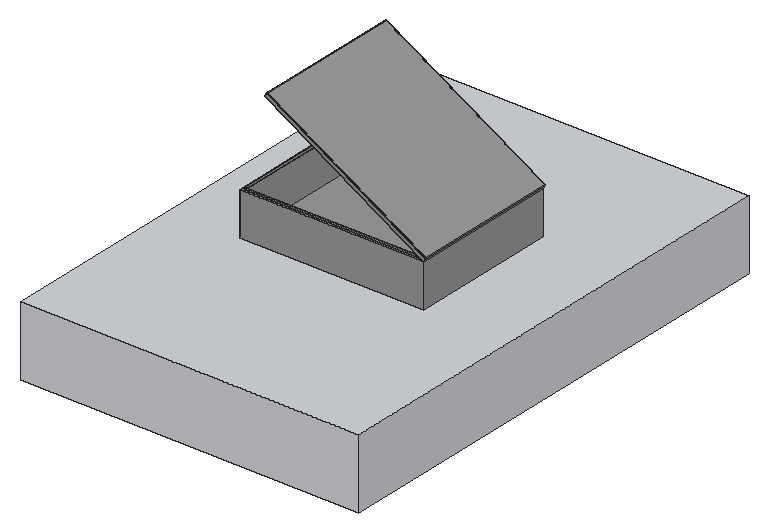
Revit family "Hager-Univers-IP54-D205-H650-Cl.II-Encl-CH-fr", category Equipement électrique, Revit 2020
Family settings
  Hôte = Face
  Configuration du panneau = Deux colonnes, circuits au sein
  Cote de connecteur circulaire = Utiliser le diamètre
  Type d'élément = Tableau de raccordement
  Couper avec des vides une fois chargée = Non
  Partagée = Non
  Point de calcul de pièce = Non
Parameters (values of type "saillie IP54 L800 H650 P205  - FP43QSW")
  Width Control [instance] = if([EF000008 - largeur] > Min Width, [EF000008 - largeur], Min Width)  # 800 mm
  Commentaires du type = [HG000003 - Gamme]  # "Univers"
  Thickness Door [instance] = if([EF009171 - épaisseur de matériau de la porte/du couvercle] > 3 mm, 3 mm, [EF009171 - épaisseur de matériau de la porte/du couvercle])  # 1 mm
  Seal Frame Offset [instance] = 17 mm  # constant formula
  Plinth Visibility [instance] = [HG000027 - Hauteur du socle] > 0 mm  # no
  Model = ""
  Min Width [instance] = 100 mm  # constant formula
  Min Height [instance] = 100 mm  # constant formula
  Min Depth [instance] = (2 * [EF009170 - épaisseur de matériau du boîtier]) + 1 mm  # 3 mm
  Internal Frame Depth [instance] = (Door System Depth * 0.5)  # 9 mm
  Height Control [instance] = if([EF000040 - hauteur] > Min Height, [EF000040 - hauteur], Min Height)  # 650 mm
  HG000027 - Hauteur du socle = 0 mm
  HG000026 - Installation au sol = no
  HG000024 - Hauteur de la section basse = 800 mm
  HG000023 - Armoire double section = no
  HG000016 - Visibilité de la porte 3D [instance] = yes
  HG000015 - Visibilité de l'emprise de la porte [instance] = no
  HG000014 - Porte à droite [instance] = yes
  HG000013 - Porte à gauche [instance] = not([HG000014 - Porte à droite])  # no
  HG000012 - Angle de pivotement de la porte [instance] = 30.00°
  HG000010 - Portes asymétriques = no
  HG000009 - Porte à double battant = no
  HG000006 - Encastré = no
  HG000004 - Référence fabricant = "FP43QSW"
  HG000003 - Gamme = "Univers"
  HG000002 - avec porte = yes
  Frame Offset Bottom [instance] = 10 mm  # constant formula
  Frame Offset [instance] = 15 mm  # constant formula
  EF015940 - couvercle avec décharge de pression = no
  EF011959 - degré de protection (NEMA) = ""
  EF009554 - nombre d'ouvertures pour plaques à bride = 6
  Fabricant = "Hager"  # constant formula
  EF009212 - finition du couvercle = "EV000116 - fermé"
  EF009171 - épaisseur de matériau de la porte/du couvercle = 1 mm
  EF009170 - épaisseur de matériau du boîtier = 1 mm
  EF008873 - courant nominal (In) = 250 A
  EF007800 - adapté à un parafoudre = no
  EF006306 - avec serrure = no
  EF006244 - couvercle/porte transparent(e) = no
  EF005474 - indice de protection (IP) = "EV006419 - IP54"
  EF004464 - type de porte = "EV002646 - unique"
  EF004427 - nombre de modules = 144
  EF004293 - indice de protection contre les chocs (IK) = "EV006815 - IK09"
  EF003532 - convient pour utilisation à l’extérieur = no
  EF002950 - largeur en nombre de modules = 36
  EF001613 - maintien de fonction = "EV000494 - sans"
  EF001596 - matériau du boîtier/corps = "EV000179 - acier"
  EF001131 - profondeur intérieure = 130 mm
  EF001088 - possibilité de montage en saillie = yes
  EF000437 - nombre d'entrées de conduit = 6
  EF000339 - type de capot = "EV001012 - couvercle"
  EF000266 - nombre de rangées = 4
  EF000218 - profondeur d'encastrement = 0 mm
  EF000118 - avec cadre/support de montage = no
  EF000116 - numéro RAL = "9010"
  EF000049 - profondeur = 205 mm
  EF000040 - hauteur = 650 mm
  EF000008 - largeur = 800 mm
  EF000007 - couleur = "EV000202 - blanc"
  EF000003 - mode de pose = "EV000384 - saillie"
  Door System Leaf Tolerance [instance] = 1.5 mm  # constant formula
  Door System Depth [instance] = 18 mm  # constant formula
  Door Height [instance] = Height Control - [HG000027 - Hauteur du socle]  # 650 mm
  Depth Control [instance] = if([EF000049 - profondeur] > Min Depth, [EF000049 - profondeur], Min Depth)  # 205 mm
  Default Elevation = 0 mm
  Connector Offset [instance] = Height Control / 2  # 325 mm
  Bottom Top Plate Trim [instance] = 1.5 mm  # constant formula
  Plinth height Ctrl [instance] = if([HG000027 - Hauteur du socle] > 0 mm, [HG000027 - Hauteur du socle], 12 mm)  # 12 mm
Types (4, lengths in mm): name | Width Control | HG000004 - Référence fabricant | EF009554 - nombre d'ouvertures pour plaques à bride | EF004464 - type de porte | EF004427 - nombre de modules | EF002950 - largeur en nombre de modules | EF001131 - profondeur intérieure | EF000437 - nombre d'entrées de conduit | EF000008 - largeur
  saillie IP54 L1050 H650 P205  - FP44QSW | 1050 | "FP44QSW" | 8 | "EV003602 - double" | 192 | 48 | 130 | 8 | 1050
  saillie IP54 L300 H650 P205  - FP41QSW | 300 | "FP41QSW" | 2 | "EV002646 - unique" | 48 | 12 | 143 | 2 | 300
  saillie IP54 L550 H650 P205  - FP42QSW | 550 | "FP42QSW" | 4 | "EV002646 - unique" | 96 | 24 | 143 | 4 | 550
  saillie IP54 L800 H650 P205  - FP43QSW | 800 | "FP43QSW" | 6 | "EV002646 - unique" | 144 | 36 | 130 | 6 | 800
Reference planes
  plane 1 "Center (Front/Back)": y = 0
  plane 2: z = 0
  plane 3 "Center (Left/Right)": x = 0
  plane 4: z = 205
  plane 5: y = 1
  plane 6: y = 325
  plane 7: y = 0
  plane 8: y = 650
  plane 9: z = 0
  plane 10: x = -385
  plane 11: x = 385
  plane 12: x = 384
  plane 13: x = -384
  plane 14: y = 649
  plane 15: x = -383
  plane 16: x = -400
  plane 17: x = 383
  plane 18: x = 400
  plane 19: x = 399
  plane 20: x = -399
  plane 21: y = 11
  plane 22: y = 650
  plane 23: y = 634
  plane 24: z = 187
  plane 25: z = 1
  plane 26: z = 186
  plane 27: z = 204
Forms (mm)
  Extrusion 1, solid
    sketch origin (0, 0, 0) x (1, 0, 0) y (0, 1, 0)
      loop
        line (-702.964, 1305) -> (-702.964, -811.445) -> (766.763, -811.445) -> (766.763, 1305) -> (-702.964, 1305)
    from 0 to -304.8
  Extrusion 2, solid, material "Hager_Steel_RAL7035_Light_Grey", visible <- "Plinth Visibility", detail levels medium+fine
    sketch origin (0, 0, 0) x (1, 0, 0) y (0, 1, 0)
      loop
        line (-400, 0) -> (400, 0) -> (400, 12) -> (-400, 12) -> (-400, 0)
    from 0 to 187
  Extrusion 3, solid, material "Hager_Steel_RAL7035_Light_Grey", detail levels medium+fine
    sketch origin (0, 0, 0) x (1, 0, 0) y (0, 1, 0)
      loop
        line (-400, 0) -> (400, 0) -> (400, 650) -> (-400, 650) -> (-400, 0)
    from 0 to 187
  Extrusion 4, void
    sketch origin (0, 0, 0) x (1, 0, 0) y (0, 1, 0)
      loop
        line (-399, 1) -> (399, 1) -> (399, 649) -> (-399, 649) -> (-399, 1)
    from 1 to 186
  Extrusion 5, void
    sketch origin (-381.607, -4572, 187) x (0, -1, 0) y (-1, 0, 0)
      loop
        line (-4583, 2.393) -> (-5206, 2.393) -> (-5206, -765.607) -> (-4583, -765.607) -> (-4583, 2.393)
    from 0 to 1 <- "EF009170 - épaisseur de matériau du boîtier"
  Extrusion 6, solid, material "Hager_Steel_RAL7035_Light_Grey", detail levels fine
    sketch origin (0, 0, 187) x (1, 0, 0) y (0, 1, 0)
      loop
        line (-384, 634) -> (-384, 11) -> (384, 11) -> (384, 634) -> (-384, 634)
      loop
        line (-385, 10) -> (385, 10) -> (385, 635) -> (-385, 635) -> (-385, 10)
    from 0 to 9 <- "Internal Frame Depth"
  Extrusion 7, solid, material "Hager_Steel_RAL7035_Light_Grey", detail levels coarse
    sketch origin (0, 0, 0) x (1, 0, 0) y (0, 1, 0)
      loop
        line (-400, 0) -> (400, 0) -> (400, 650) -> (-400, 650) -> (-400, 0)
    from 0 to 205
  Sweep 8, void
    path in 3D
      loop
        line (-400, 12, 0) -> (400, 12, 0) -> (400, 12, 187) -> (-400, 12, 187) -> (-400, 12, 0)
    profile origin (-400, 12, 93.5) x (-1, 0, 0) y (0, -1, 0)
      loop
        line (0, 0) -> (0, 1.5) -> (-1.5, 1.5)
        arc (-1.5, 1.5) -> (-1.061, 0.439) -> (0, 0) r 1.5
Cuts and joins
  Extrusion 4, Extrusion 5 cuts Extrusion 3
  Sweep 8 cuts Extrusion 2
Lines and regions (mm)
  Masking region 1
    outline origin (0, 0, 0) x (1, 0, 0) y (0, 0, 1)
      loop
        line (-400, 205) -> (-400, 0) -> (400, 0) -> (400, 205) -> (-400, 205)
  Masking region 2, detail levels medium+fine
    outline origin (0, 140, 0) x (0, 1, 0) y (0, 0, 1)
      loop
        line (-140, 0) -> (510, 0) -> (510, 187) -> (-140, 187) -> (-140, 0)
  Masking region 3, not visible, detail levels medium+fine
    outline origin (0, 297.922, 0) x (0, 1, 0) y (0, 0, 1)
      loop
        line (38.578, 0) -> (78.578, 0) -> (78.578, 194)
        arc (78.578, 194) -> (75.649, 201.071) -> (68.578, 204) r 10
        line (68.578, 204) -> (38.578, 204) -> (38.578, 0)
  Masking region 4, detail levels coarse
    outline origin (0, 0, 180) x (0, 1, 0) y (0, 0, 1)
      loop
        line (0, -180) -> (650, -180) -> (650, 25) -> (0, 25) -> (0, -180)
  Masking region 5, visible <- "Plinth Visibility", detail levels medium+fine
    outline origin (0, 52.24, 12.345) x (0, 0, -1) y (0, 1, 0)
      loop
        line (10.845, -40.24) -> (-173.155, -40.24)
        arc (-173.155, -40.24) -> (-173.594, -41.301) -> (-174.655, -41.74) r 1.5
        line (-174.655, -41.74) -> (-174.655, -52.24) -> (12.345, -52.24) -> (12.345, -41.74)
        arc (12.345, -41.74) -> (11.285, -41.301) -> (10.845, -40.24) r 1.5
  Masking region 6, detail levels medium+fine
    outline origin (-381.607, -4572, 187) x (-1, 0, 0) y (0, -1, 0)
      loop
        line (18.393, -5222) -> (18.393, -4572) -> (-781.607, -4572) -> (-781.607, -5222) -> (18.393, -5222)
  Masking region 7, visible <- "Plinth Visibility", detail levels medium+fine
    outline origin (-381.607, -4727, 187) x (-1, 0, 0) y (0, -1, 0)
      loop
        arc (16.893, -4739) -> (17.332, -4737.939) -> (18.393, -4737.5) r 1.5
        line (18.393, -4737.5) -> (18.393, -4727) -> (-781.607, -4727) -> (-781.607, -4737.5)
        arc (-781.607, -4737.5) -> (-780.546, -4737.939) -> (-780.107, -4739) r 1.5
        line (-780.107, -4739) -> (16.893, -4739)
  Masking region 8, detail levels coarse
    outline origin (-442.548, -4669.526, 187) x (-1, 0, 0) y (0, -1, 0)
      loop
        line (-42.548, -5319.526) -> (-42.548, -4669.526) -> (-842.548, -4669.526) -> (-842.548, -5319.526) -> (-42.548, -5319.526)
  sketch lines
    curve 1: line (-400, 12, 187) -> (-400, 12, 0)
    curve 2: line (400, 12, 187) -> (-400, 12, 187)
    curve 3: line (400, 12, 187) -> (400, 12, 0)
    curve 4: line (-400, 12, 0) -> (400, 12, 0)
Dimensions and locks
  "Depth Control": plane 4 to Extrusion 1
  "HG000027 - Hauteur du socle": plane 1 "Center (Front/Back)" to plane 7
  "EF009170 - épaisseur de matériau du boîtier": plane 5 to plane 7
  locked: connector elem to plane 3 "Center (Left/Right)"
  equal spacing: plane 8, plane 6, plane 7
  locked: connector elem to plane 6
  "EF009170 - épaisseur de matériau du boîtier": plane 8 to plane 14
  "EF009170 - épaisseur de matériau du boîtier": plane 10 to plane 13
  "EF009170 - épaisseur de matériau du boîtier": plane 12 to plane 11
  "Frame Offset": plane 20 to plane 13
  "Frame Offset": plane 12 to plane 19
  "EF009170 - épaisseur de matériau du boîtier": plane 16 to plane 20
  "EF009170 - épaisseur de matériau du boîtier": plane 19 to plane 18
  "Seal Frame Offset": plane 16 to plane 15
  "Seal Frame Offset": plane 17 to plane 18
  "Frame Offset Bottom": plane 21 to plane 5
  "Frame Offset": plane 14 to plane 23
  equal spacing: plane 16, plane 3 "Center (Left/Right)", plane 18
  "Width Control": plane 16 to plane 18
  "EF009170 - épaisseur de matériau du boîtier": plane 4 to plane 27
  "EF009170 - épaisseur de matériau du boîtier": plane 24 to plane 26
  "EF009170 - épaisseur de matériau du boîtier": plane 25 to level
  "Door System Depth": plane 4 to plane 24
  "Height Control": plane 1 "Center (Front/Back)" to Extrusion 7 sketch curve
  "Height Control": Masking region 4 sketch curve to plane 1 "Center (Front/Back)"
  "Height Control": plane 1 "Center (Front/Back)" to plane 22
  "Bottom Top Plate Trim": profile plane to Sweep 8 sketch curve
  "Bottom Top Plate Trim": Sweep 8 sketch curve to profile plane
  "Plinth height Ctrl": plane 1 "Center (Front/Back)" to Extrusion 2 sketch curve
  "Plinth height Ctrl": Masking region 5 sketch curve to plane 1 "Center (Front/Back)"
  "Plinth height Ctrl": plane 1 "Center (Front/Back)" to Masking region 7 sketch curve
  "Thickness Door": Extrusion 6 sketch curve to Extrusion 6 sketch curve  (x3)
  "Thickness Door": cut or joined group of Extrusion 3, Extrusion 4, Extrusion 5 to Extrusion 6 sketch curve
  radius of Masking region 3 sketch curve = 10 mm
  "Bottom Top Plate Trim": radius of Masking region 5 sketch curve  (x2)
  "Bottom Top Plate Trim": radius of Sweep 8 sketch curve
  "Bottom Top Plate Trim": radius of Masking region 7 sketch curve  (x2)
  aligned and locked: plane 2 to Extrusion 1
  aligned and locked: level to Extrusion 1
  aligned and locked: level to Masking region 1 sketch curve
  aligned and locked: Masking region 1 sketch curve to plane 18
  aligned and locked: Masking region 1 sketch curve to plane 16
  aligned and locked: plane 7 to Masking region 2 sketch curve
  aligned and locked: level to Masking region 3 sketch curve
  aligned and locked: Masking region 3 sketch curve to plane 27
  aligned and locked: level to Masking region 2 sketch curve
  aligned and locked: plane 1 "Center (Front/Back)" to Extrusion 2 sketch curve
  aligned and locked: Extrusion 3 sketch curve to plane 7
  aligned and locked: plane 16 to Extrusion 3 sketch curve
  aligned and locked: plane 18 to Extrusion 3 sketch curve
  aligned and locked: plane 20 to Extrusion 4 sketch curve
  aligned and locked: plane 19 to Extrusion 4 sketch curve
  aligned and locked: Extrusion 4 sketch curve to plane 5
  aligned and locked: Extrusion 4 to plane 25
  aligned and locked: plane 26 to Extrusion 4
  aligned and locked: plane 24 to Extrusion 3
  aligned and locked: Extrusion 5 sketch curve to plane 21
  aligned and locked: Extrusion 5 sketch curve to plane 13
  aligned and locked: Extrusion 5 sketch curve to plane 12
  aligned and locked: plane 18 to Extrusion 7 sketch curve
  aligned and locked: plane 1 "Center (Front/Back)" to Extrusion 7 sketch curve
  aligned and locked: plane 16 to Extrusion 7 sketch curve
  aligned and locked: plane 4 to Extrusion 7
  aligned and locked: Extrusion 7 to level
  aligned and locked: level to Masking region 4 sketch curve
  aligned and locked: Masking region 4 sketch curve to plane 1 "Center (Front/Back)"
  aligned and locked: Masking region 4 sketch curve to plane 4
  aligned and locked: nested 1 to level
  aligned and locked: nested 1 to plane 16
  aligned and locked: plane 8 to Extrusion 3 sketch curve
  aligned and locked: plane 23 to Extrusion 5 sketch curve
  aligned and locked: plane 14 to Extrusion 4 sketch curve
  aligned and locked: Masking region 2 sketch curve to plane 8
  aligned and locked: level to Masking region 5 sketch curve
  aligned and locked: plane 16 to Extrusion 2 sketch curve
  aligned and locked: plane 18 to Extrusion 2 sketch curve
  aligned and locked: Masking region 5 sketch curve to plane 24
  aligned and locked: Masking region 2 sketch curve to plane 24
  aligned and locked: plane 24 to Extrusion 2
  aligned and locked: profile plane to Sweep 8 sketch curve  (x2)
  aligned and locked: Masking region 6 sketch curve to plane 18
  aligned and locked: Masking region 6 sketch curve to plane 22
  aligned and locked: Masking region 6 sketch curve to plane 16
  aligned and locked: plane 8 to plane 22
  aligned and locked: Masking region 6 sketch curve to plane 7
  aligned and locked: Masking region 7 sketch curve to plane 16
  aligned and locked: Masking region 7 sketch curve to plane 1 "Center (Front/Back)"
  aligned and locked: Masking region 7 sketch curve to plane 18
  aligned and locked: Masking region 8 sketch curve to plane 1 "Center (Front/Back)"
  aligned and locked: Masking region 8 sketch curve to plane 18
  aligned and locked: Masking region 8 sketch curve to plane 22
  aligned and locked: Masking region 8 sketch curve to plane 16
  aligned and locked: nested 2 to plane 7
  aligned and locked: plane 3 "Center (Left/Right)" to nested 2
  aligned and locked: nested 2 to plane 24
  aligned and locked: Extrusion 6 sketch curve to cut or joined group of Extrusion 3, Extrusion 4, Extrusion 5  (x4)
Automatic sketch dimensions
  Extrusion 1 sketch curve to Extrusion 1 sketch curve = 1469.727 mm
  Extrusion 1 sketch curve to Extrusion 1 sketch curve = 2116.445 mm
  Masking region 1 sketch curve to plane 4 = 0 mm
  plane 6 to Masking region 3 sketch curve = 11.5 mm
  Masking region 3 sketch curve to Masking region 3 sketch curve = 30 mm
  Masking region 5 sketch curve to plane 1 "Center (Front/Back)" = 0 mm
Nested families
  nested 1: "Hager_Enclosure_Symbol" at (-400, 0, 0) x (1, 0, 0) z (0, -1, 0), Height <- "Depth Control", Width <- "Width Control", type "Hager_Enclosure_Symbol"
    with Width_Ctrl 800 mm, Width 800 mm, Height_Ctrl 205 mm, Height 205 mm, A_Width_Int 13.453 mm, A_Width 161.438 mm, A_Height_Ctrl 179.375 mm, A_Height 179.375 mm
  nested 2: "EC000058_Univers_Door" at (0, 0, 187) x (1, 0, 0) z (0, 1, 0), Leaf_Tolerance <- "Door System Leaf Tolerance", Angle <- "HG000012 - Angle de pivotement de la porte", Door_Depth <- "Door System Depth", Door_Left <- "HG000013 - Porte à gauche", Transparent <- "EF006244 - couvercle/porte transparent(e)", Assymetrical <- "HG000010 - Portes asymétriques", Width <- "Width Control", Clearance <- "HG000015 - Visibilité de l'emprise de la porte", Double <- "HG000009 - Porte à double battant", 3d_Door <- "HG000016 - Visibilité de la porte 3D", Lock_Visibility <- "EF006306 - avec serrure", Width_Ctrl <- "Width Control", Door_Right <- "HG000014 - Porte à droite", Door <- "HG000002 - avec porte", Height <- "Door Height", Thickness <- "Thickness Door", type "EC000058_Univers_Door", detail levels medium+fine
    with min_wh 3 mm, Width_Ctrl 800 mm, Width 800 mm, Transparent no, Thickness 1 mm, Seal_Material Hager_Rubber, Lock_Visibility no, Lock_Material Hager_Plastic_RAL9005_Jet_Black, Leaf_Width 800 mm, Leaf_Tolerance_External_Sides 0 mm, Leaf_Tolerance 1.5 mm, Leaf_Offset 0 mm, Leaf_Height 647 mm, Leaf_2_Width 800 mm, Leaf_2_Offset 400 mm, Leaf_1_Width 800 mm, Leaf_1_Offset 400 mm, Height_Ctrl 650 mm, Height 650 mm, Glass_Material Hager_Glass, Double_Clearance_Ctrl no, Double no, Door_Right_Ctrl yes, Door_Right yes, Door_Material Hager_Steel_RAL7035_Light_Grey, Door_Left_Ctrl no, Door_Left no, Door_Depth 18 mm, Door yes, Clearance_Material Hager_Clearance, Clearance_Depth 800 mm, Clearance_Ctrl no, Clearance no, Assymetrical no, Angle 30.00°, 3d_Door yes
Connectors
  electrical at (0, 325, 0)
    settings: on plane 9, index 1, voltage 0 V, apparent load 0 VA, apparent load phase1 0 VA, apparent load phase2 0 VA, apparent load phase3 0 VA, power factor 1, load classification "Other", number of poles 1, system type 30, power factor state 1, is connector primary yes, connector utility no, sub classification motor no, connector description ""
Definition of nested family "EC000058_Univers_Door"
  Parameters (values of type "EC000058_Univers_Door")
    min_wh [instance] = (2 * Thickness) + 1 mm  # 11 mm
    Width_Ctrl [instance] = 400 mm
    Width [instance] = 500 mm
    Transparent [instance] = yes
    Thickness [instance] = 5 mm
    Seal_Material [instance] = none
    Lock_Visibility [instance] = yes
    Lock_Material [instance] = none
    Leaf_Width [instance] = if((Width_Ctrl - 2 * Leaf_Tolerance_External_Sides) > 0 mm, (Width_Ctrl - 2 * Leaf_Tolerance_External_Sides), min_wh)  # 400 mm
    Leaf_Tolerance_External_Sides [instance] = 0 mm  # constant formula
    Leaf_Tolerance [instance] = 1.5 mm
    Leaf_Offset [instance] = 0 mm  # constant formula
    Leaf_Height [instance] = if((Height_Ctrl - 2 * Leaf_Tolerance) > 0 mm, (Height_Ctrl - 2 * Leaf_Tolerance), min_wh)  # 497 mm
    Leaf_2_Width [instance] = if(and(and(Double, Assymetrical), Door_Left), (Leaf_Width / 3) - (Leaf_Tolerance / 2), if(and(and(Double, Assymetrical), Door_Right), (Leaf_Width / 3) * 2 - (Leaf_Tolerance / 2), if(and(Double, not(Assymetrical)), (Leaf_Width / 2) - Leaf_Tolerance, Leaf_Width)))  # 400 mm
    Leaf_2_Offset [instance] = if(and(Double, Assymetrical), Leaf_2_Width / 2, if(and(Double, not(Assymetrical)), Leaf_Width / 4, Leaf_Width / 2))  # 200 mm
    Leaf_1_Width [instance] = if(and(and(Double, Assymetrical), Door_Right), (Leaf_Width / 3) - (Leaf_Tolerance / 2), if(and(and(Double, Assymetrical), Door_Left), (Width / 3) * 2 - (Leaf_Tolerance / 2), if(and(Double, not(Assymetrical)), (Leaf_Width / 2) - Leaf_Tolerance, Leaf_Width)))  # 400 mm
    Leaf_1_Offset [instance] = if(and(Double, Assymetrical), Leaf_1_Width / 2, if(and(Double, not(Assymetrical)), Leaf_Width / 4, Leaf_Width / 2))  # 200 mm
    Height_Ctrl [instance] = if(Height > min_wh, Height, min_wh)  # 500 mm
    Height [instance] = 500 mm
    Glass_Material [instance] = none
    Double_Clearance_Ctrl [instance] = and(Double, Clearance)  # no
    Double [instance] = no
    Door_Right_Ctrl [instance] = and(or(Door_Right, Double), Door)  # yes
    Door_Right [instance] = yes
    Door_Material [instance] = none
    Door_Left_Ctrl [instance] = and(or(Door_Left, Double), Door)  # no
    Door_Left [instance] = no
    Door_Depth [instance] = 30 mm
    Door [instance] = yes
    Default Elevation = 1219.2 mm
    Clearance_Material [instance] = none
    Clearance_Depth [instance] = if(Leaf_1_Width > Leaf_2_Width, Leaf_1_Width, Leaf_2_Width)  # 400 mm
    Clearance_Ctrl [instance] = and(not(Double), Clearance)  # yes
    Clearance [instance] = yes
    Assymetrical [instance] = yes
    Angle [instance] = 30.00°
    3d_Door [instance] = yes
  Reference planes
    plane 1 "Center (Front/Back)": y = 0
    plane 2 "Bottom": z = 0
    plane 3 "Center (Left/Right)": x = 0
    plane 4: z = 500
    plane 5: x = -200
    plane 6: x = 200
    plane 7: z = 500
    plane 8: x = -200
    plane 9: z = 0
    plane 10: x = 200
    plane 11: y = 0
    plane 12: z = 1.5
    plane 13: x = -600
    plane 14: y = -400
    plane 15: x = 600
    plane 16: x = 0
    plane 17: x = 0
    plane 18: x = -200
    plane 19: x = 200
    plane 20: z = 498.5
  Forms (mm)
    Extrusion 1, solid, material <- "Clearance_Material", visible <- "Double_Clearance_Ctrl"
      sketch origin (1200, 0, 0) x (1, 0, 0) y (0, 0, -1)
        loop
          line (-1800, -498.5) -> (-600, -498.5) -> (-600, 0) -> (-1800, 0) -> (-1800, -498.5)
      from 0 to -400
  Dimensions and locks
    equal spacing: plane 5, plane 3 "Center (Left/Right)", plane 6
    "Width_Ctrl": plane 5 to plane 6
    "Leaf_Offset": plane 5 to plane 8
    "Leaf_Offset": plane 6 to plane 10
    "Leaf_Offset": plane 9 to level
    "Leaf_Offset": plane 4 to plane 7
    "Height_Ctrl": plane 4 to level
    "Leaf_Tolerance": plane 12 to plane 9
    locked: plane 11 to plane 1 "Center (Front/Back)"
    "Leaf_1_Offset": plane 18 to plane 16
    "Leaf_2_Offset": plane 17 to plane 19
    "Leaf_1_Width": plane 13 to plane 8
    "Leaf_2_Width": plane 10 to plane 15
    "Clearance_Depth": plane 14 to plane 1 "Center (Front/Back)"
    "Leaf_Tolerance_External_Sides": plane 8 to plane 18
    "Leaf_Tolerance_External_Sides": plane 19 to plane 10
    "Leaf_Tolerance": plane 7 to plane 20
    aligned and locked: level to plane 2 "Bottom"
    aligned and locked: nested 1 to plane 16
    aligned and locked: nested 2 to plane 17
    aligned and locked: Extrusion 1 to plane 13
    aligned and locked: plane 15 to Extrusion 1
    aligned and locked: Extrusion 1 to plane 14
    aligned and locked: plane 12 to nested 1
    aligned and locked: nested 2 to plane 12
    aligned and locked: Extrusion 1 to plane 11
    aligned and locked: plane 20 to Extrusion 1
    aligned and locked: nested 2 to plane 11
    aligned and locked: nested 1 to plane 11
  Automatic sketch dimensions
    Extrusion 1 sketch curve to level = 0 mm
    plane 5 to Extrusion 1 sketch curve = 400 mm
    plane 6 to Extrusion 1 sketch curve = 400 mm
    Extrusion 1 sketch curve to plane 4 = 1.5 mm
  Nested families
    nested 1: "EC000058_Univers_Door_Leaf" at (0, 0, 1.5), Width <- "Leaf_1_Width", visible <- "Door_Left_Ctrl", Leaf_Height <- "Leaf_Height", Angle <- "Angle", 3d_Door <- "3d_Door", Transparent <- "Transparent", Clearance Material <- "Clearance_Material", Clearance <- "Clearance_Ctrl", Door_Material <- "Door_Material", Glass_Material <- "Glass_Material", Door_Depth <- "Door_Depth", Lock_Material <- "Lock_Material", Seal_Material <- "Seal_Material", Lock_Visibility <- "Lock_Visibility", Thickness <- "Thickness", type "EC000058_Univers_Door_Leaf"
      with Width 400 mm, Transparent_Glass_Offset 30 mm, Transparent_Ctrl yes, Transparent yes, Thickness 5 mm, Standard no, Seal_Material none, Seal_D2 8 mm, Seal_D1 1 mm, Offset_Internal_Frame 10 mm, Lock_Width 20 mm, Lock_Visibility_3d yes, Lock_Visibility yes, Lock_Thickness_3 3 mm, Lock_Thickness_2 1 mm, Lock_Thickness_1 3 mm, Lock_Radius_Offset_2 16 mm, Lock_Radius_Offset_1 15 mm, Lock_Radius_2 5 mm, Lock_Radius 6 mm, Lock_Offset 5 mm, Lock_Material none, Lock_Height 80 mm, Lock_Cover_Top_Offset_2d 17 mm, Lock_Cover_Height -65 mm, Leaf_Height 497 mm, Internal_Seal_Thickness 8 mm, Internal_Seal_Depth_2 4.5 mm, Internal_Frame_Depth 25 mm, Glass_Thickness -1 mm, Glass_Offset -2 mm, Glass_Material none, Door_Material none, Door_Depth 30 mm, Clearance Material none, Clearance yes, Angle_Ctrl 30.00°, Angle 30.00°, 3d_Door yes
    nested 2: "EC000058_Univers_Door_Leaf" at (0, 0, 1.5) x (-1, 0, 0) z (0, 0, 1), Width <- "Leaf_2_Width", visible <- "Door_Right_Ctrl", Leaf_Height <- "Leaf_Height", Angle <- "Angle", 3d_Door <- "3d_Door", Transparent <- "Transparent", Clearance Material <- "Clearance_Material", Clearance <- "Clearance_Ctrl", Door_Material <- "Door_Material", Glass_Material <- "Glass_Material", Door_Depth <- "Door_Depth", Lock_Material <- "Lock_Material", Seal_Material <- "Seal_Material", Lock_Visibility <- "Lock_Visibility", Thickness <- "Thickness", type "EC000058_Univers_Door_Leaf"
      with Width 400 mm, Transparent_Glass_Offset 30 mm, Transparent_Ctrl yes, Transparent yes, Thickness 5 mm, Standard no, Seal_Material none, Seal_D2 8 mm, Seal_D1 1 mm, Offset_Internal_Frame 10 mm, Lock_Width 20 mm, Lock_Visibility_3d yes, Lock_Visibility yes, Lock_Thickness_3 3 mm, Lock_Thickness_2 1 mm, Lock_Thickness_1 3 mm, Lock_Radius_Offset_2 16 mm, Lock_Radius_Offset_1 15 mm, Lock_Radius_2 5 mm, Lock_Radius 6 mm, Lock_Offset 5 mm, Lock_Material none, Lock_Height 80 mm, Lock_Cover_Top_Offset_2d 17 mm, Lock_Cover_Height -65 mm, Leaf_Height 497 mm, Internal_Seal_Thickness 8 mm, Internal_Seal_Depth_2 4.5 mm, Internal_Frame_Depth 25 mm, Glass_Thickness -1 mm, Glass_Offset -2 mm, Glass_Material none, Door_Material none, Door_Depth 30 mm, Clearance Material none, Clearance yes, Angle_Ctrl 30.00°, Angle 30.00°, 3d_Door yes
  Definition of nested family "EC000058_Univers_Door_Leaf"
    Parameters (values of type "EC000058_Univers_Door_Leaf")
      Width [instance] = 2000 mm
      Transparent_Glass_Offset [instance] = 30 mm
      Transparent_Ctrl [instance] = and(Transparent, [3d_Door])  # yes
      Transparent [instance] = yes
      Thickness [instance] = 5 mm
      Standard [instance] = and(not(Transparent), [3d_Door])  # no
      Seal_Material [instance] = none
      Seal_D2 [instance] = 8 mm  # constant formula
      Seal_D1 [instance] = 1 mm  # constant formula
      Offset_Internal_Frame [instance] = 10 mm  # constant formula
      Lock_Width [instance] = 20 mm  # constant formula
      Lock_Visibility_3d [instance] = and(Lock_Visibility, [3d_Door])  # yes
      Lock_Visibility [instance] = yes
      Lock_Thickness_3 [instance] = 3 mm  # constant formula
      Lock_Thickness_2 [instance] = 1 mm  # constant formula
      Lock_Thickness_1 [instance] = 3 mm  # constant formula
      Lock_Radius_Offset_2 [instance] = Lock_Radius_Offset_1 + 1 mm  # 16 mm
      Lock_Radius_Offset_1 [instance] = 15 mm  # constant formula
      Lock_Radius_2 [instance] = Lock_Radius - 1 mm  # 5 mm
      Lock_Radius [instance] = 6 mm  # constant formula
      Lock_Offset [instance] = 5 mm  # constant formula
      Lock_Material [instance] = none
      Lock_Height [instance] = 80 mm  # constant formula
      Lock_Cover_Top_Offset_2d [instance] = Lock_Radius_Offset_2 + 1 mm  # 17 mm
      Lock_Cover_Height [instance] = -(Lock_Height - Lock_Radius_Offset_1)  # -65 mm
      Leaf_Height [instance] = 2720.336 mm
      Internal_Seal_Thickness [instance] = 8 mm  # constant formula
      Internal_Seal_Depth_2 [instance] = 4.5 mm  # constant formula
      Internal_Frame_Depth [instance] = if(Door_Depth - Thickness > 5 mm, Door_Depth - Thickness, 5 mm)  # 25 mm
      Glass_Thickness [instance] = if(Thickness > 15 mm, Glass_Offset + 10 mm, -1 mm)  # -1 mm
      Glass_Offset [instance] = if(Thickness > 15 mm, -(Thickness + 10 mm) / 2, -2 mm)  # -2 mm
      Glass_Material [instance] = none
      Door_Material [instance] = none
      Door_Depth [instance] = 30 mm
      Default Elevation = 0 mm
      Clearance Material [instance] = none
      Clearance [instance] = yes
      Angle_Ctrl [instance] = if(Angle > 180.00°, 180.00°, Angle)  # 90.00°
      Angle [instance] = 90.00°
      3d_Door [instance] = yes
    Reference planes
      plane 1 "Center (Front/Back)": y = 0
      plane 2: z = 0
      plane 3 "Center (Left/Right)": x = 0
      plane 4: y = 2000
      plane 5: x = -1000
      plane 6: x = 1000
      plane 7: x = -3000
      plane 8: z = 2720.336
      plane 9: z = 30
      plane 10: z = 2690.336
      plane 11: x = 970
      plane 12: x = -970
      plane 13: y = -3
      plane 14: z = 107.833
      plane 15: y = -5
      plane 16: y = -223.314
      plane 17: x = -1000
      plane 18: z = 1360.168
      plane 19: y = 30
    Forms (mm)
      Extrusion 1, solid, material <- "Clearance Material", visible <- "Clearance"
        sketch origin (0, 0, 0) x (1, 0, 0) y (0, 0, 1)
          loop
            line (-3000, 2720.336) -> (-3000, 0) -> (1000, 0) -> (1000, 2720.336) -> (-3000, 2720.336)
        from 0 to -2000
      Extrusion 2, solid, material <- "Door_Material", visible <- "Standard", detail levels medium+fine
        sketch origin (-1000, 0, 0) x (0, 1, 0) y (-1, 0, 0)
          loop
            line (0, 30) -> (0, 25) -> (2000, 25) -> (2000, 30) -> (0, 30)
        from 0 to 2720.336 <- "Leaf_Height"
      Extrusion 3, solid, material <- "Door_Material", visible <- "Transparent_Ctrl", detail levels medium+fine
        sketch origin (-1000, 0, 0) x (0, 1, 0) y (-1, 0, 0)
          loop
            line (0, 25) -> (2000, 25) -> (2000, 30) -> (0, 30) -> (0, 25)
        from 0 to 2720.336 <- "Leaf_Height"
      Extrusion 4, void
        sketch origin (-1025, 2000, 0) x (0, 1, 0) y (0, 0, -1)
          loop
            line (-30, -2690.336) -> (-30, -30) -> (-1970, -30) -> (-1970, -2690.336) -> (-30, -2690.336)
        from 0 to 5 <- "Thickness"
      Sweep 5, solid, material <- "Seal_Material", visible <- "Transparent_Ctrl", detail levels fine
        path in 3D
          loop
            line (-1025, 30, 30) -> (-1025, 30, 2690.336) -> (-1025, 1970, 2690.336) -> (-1025, 1970, 30) -> (-1025, 30, 30)
        profile origin (-1025, 1000, 30) x (1, 0, 0) y (0, 0, 1)
          loop
            line (0, 0) -> (0, -8) -> (1, -8) -> (1, 0) -> (0, 0)
      Extrusion 6, solid, material <- "Glass_Material", visible <- "Transparent_Ctrl", detail levels medium+fine
        sketch origin (-1030, 0, 0) x (0, 1, 0) y (0, 0, -1)
          loop
            line (1970, -2690.336) -> (1970, -30) -> (30, -30) -> (30, -2690.336) -> (1970, -2690.336)
        from -2 <- "Glass_Offset" to -1 <- "Glass_Thickness"
      Extrusion 7, solid, material <- "Door_Material", visible <- "3d_Door", detail levels medium+fine
        sketch origin (-1025, 2000, 0) x (0, -1, 0) y (0, 0, -1)
          loop
            line (0, -2720.336) -> (2000, -2720.336) -> (2000, 0) -> (0, 0) -> (0, -2720.336)
          loop
            line (1995, -5) -> (5, -5) -> (5, -2715.336) -> (1995, -2715.336) -> (1995, -5)
        from 0 to 25 <- "Internal_Frame_Depth"
      Sweep 8, solid, material <- "Seal_Material", visible <- "Transparent_Ctrl", detail levels fine
        path in 3D
          loop
            line (-1025, 0, 0) -> (-1025, 2000, 0) -> (-1025, 2000, 2720.336) -> (-1025, 0, 2720.336) -> (-1025, 0, 0)
        profile origin (-1025, 0, 1360.168) x (1, 0, 0) y (0, 1, 0)
          loop
            line (0, 10) -> (2.975, 10)
            arc (2.975, 10) -> (4.053, 10.447) -> (4.5, 11.525) r 1.525
            line (4.5, 11.525) -> (4.5, 16.527)
            arc (4.5, 16.527) -> (4.069, 17.569) -> (3.027, 18) r 1.473
            line (3.027, 18) -> (0, 18) -> (0, 10)
      Extrusion 9, solid, material <- "Lock_Material", visible <- "Lock_Visibility_3d", detail levels fine
        sketch origin (-1030, 0, 0) x (0, 1, 0) y (0, 0, -1)
          loop
            arc (1993.5, -1400.168) -> (1994.561, -1399.729) -> (1995, -1398.668) r 1.5
            line (1995, -1398.668) -> (1995, -1320.168) -> (1975, -1320.168) -> (1975, -1398.668)
            arc (1975, -1398.668) -> (1975.439, -1399.729) -> (1976.5, -1400.168) r 1.5
            line (1976.5, -1400.168) -> (1993.5, -1400.168)
        from 3 <- "Lock_Thickness_1" to 0
      Blend 10, solid, material <- "Lock_Material", visible <- "Lock_Visibility_3d", detail levels fine
        base sketch origin (-1033, 0, 0) x (0, 1, 0) y (0, 0, -1)
          loop
            line (1975, -1320.168) -> (1975, -1398.668)
            arc (1975, -1398.668) -> (1975.439, -1399.729) -> (1976.5, -1400.168) r 1.5
            line (1976.5, -1400.168) -> (1993.5, -1400.168)
            arc (1993.5, -1400.168) -> (1994.561, -1399.729) -> (1995, -1398.668) r 1.5
            line (1995, -1398.668) -> (1995, -1320.168) -> (1975, -1320.168)
        top sketch origin (-1033, 0, 0) x (0, 1, 0) y (0, 0, -1)
          loop
            line (1976, -1320.168) -> (1976, -1398.668)
            arc (1976, -1398.668) -> (1976.146, -1399.022) -> (1976.5, -1399.168) r 0.5
            line (1976.5, -1399.168) -> (1993.5, -1399.168)
            arc (1993.5, -1399.168) -> (1993.854, -1399.022) -> (1994, -1398.668) r 0.5
            line (1994, -1398.668) -> (1994, -1320.168) -> (1976, -1320.168)
        from 0 to 1 <- "Lock_Thickness_2"
      Blend 11, solid, material <- "Lock_Material", visible <- "Lock_Visibility_3d", detail levels fine
        base sketch origin (-1034, 0, 0) x (0, 1, 0) y (0, 0, -1)
          loop
            line (1978, -1320.168) -> (1978, -1384.168)
            arc (1978, -1384.168) -> (1985, -1391.168) -> (1992, -1384.168) r 7
            line (1992, -1384.168) -> (1992, -1320.168) -> (1978, -1320.168)
        top sketch origin (-1034, 0, 0) x (0, 1, 0) y (0, 0, -1)
          loop
            line (1991, -1320.168) -> (1979, -1320.168) -> (1979, -1383.168)
            arc (1979, -1383.168) -> (1985, -1389.168) -> (1991, -1383.168) r 6
            line (1991, -1383.168) -> (1991, -1320.168)
        from 0 to 3 <- "Lock_Thickness_3"
      Extrusion 12, solid, material <- "Lock_Material", visible <- "Lock_Visibility_3d", detail levels fine
        sketch origin (-1030, 1975, 1320.168) x (1, 0, 0) y (0, -1, 0)
          loop
            line (-7, -19) -> (-7, -1) -> (0, -1) -> (0, 0) -> (-8, 0) -> (-8, -20) -> (0, -20) -> (0, -19) -> (-7, -19)
        from 0 to -65 <- "Lock_Cover_Height"
      Extrusion 13, void
        sketch origin (-1038, 1995, 1320.168) x (-1, 0, 0) y (0, 0, -1)
          loop
            line (-5, -65) -> (0, -65) -> (-5, -60) -> (-5, -65)
        from 0 to 20 <- "Lock_Width"
      Extrusion 14, void
        sketch origin (-1038, 1975, 1320.168) x (0, -1, 0) y (0, 0, -1)
          loop
            circle (-10, -15.995) r 6
          loop
            circle (-10, -15.995) r 5
        from 0 to 2
      Extrusion 15, solid, material <- "Lock_Material", visible <- "Lock_Visibility_3d", detail levels medium
        sketch origin (-1030, 0, 0) x (0, 1, 0) y (0, 0, -1)
          loop
            arc (1993.5, -1400.168) -> (1994.561, -1399.729) -> (1995, -1398.668) r 1.5
            line (1995, -1398.668) -> (1995, -1320.168) -> (1975, -1320.168) -> (1975, -1398.668)
            arc (1975, -1398.668) -> (1975.439, -1399.729) -> (1976.5, -1400.168) r 1.5
            line (1976.5, -1400.168) -> (1993.5, -1400.168)
        from 8 to 0
    Cuts and joins
      Extrusion 4 cuts Extrusion 3
      Extrusion 13, Extrusion 14 cuts Extrusion 9
      Extrusion 14 cuts Blend 11
      Extrusion 13, Extrusion 14 cuts Extrusion 12
      joined: Extrusion 9, Blend 10, Blend 11, Extrusion 12
      Extrusion 14 cuts Extrusion 15
    Lines and regions (mm)
      Masking region 1, visible <- "Lock_Visibility", detail levels fine
        outline origin (0, 0, 0) x (0, 1, 0) y (0, 0, 1)
          loop
            line (30, 1320.168) -> (33, 1320.168) -> (33, 1400.168) -> (30, 1400.168) -> (30, 1320.168)
      Masking region 2, visible <- "Lock_Visibility", detail levels fine
        outline origin (0, 3.143, 0) x (0, 1, 0) y (0, 0, 1)
          loop
            line (29.857, 1354.168) -> (30.857, 1354.168) -> (30.857, 1366.168) -> (29.857, 1366.168) -> (29.857, 1354.168)
      Masking region 3, detail levels medium+fine
        outline origin (0, 0, 0) x (0, 1, 0) y (0, 0, 1)
          loop
            line (0, 0) -> (30, 0) -> (30, 2720.336) -> (0, 2720.336) -> (0, 0)
      Masking region 4, detail levels medium+fine
        outline origin (0, 0, 0) x (1, 0, 0) y (0, 0, 1)
          loop
            line (-1000, 2720.336) -> (-1000, 0) -> (1000, 0) -> (1000, 2720.336) -> (-1000, 2720.336)
      Masking region 5, visible <- "Lock_Visibility", detail levels fine
        outline origin (-47.116, 0, 0) x (1, 0, 0) y (0, 0, 1)
          loop
            arc (1024.616, 1399.168) -> (1023.556, 1398.729) -> (1023.116, 1397.668) r 1.5
            line (1023.116, 1397.668) -> (1023.116, 1320.168) -> (1041.116, 1320.168) -> (1041.116, 1397.668)
            arc (1041.116, 1397.668) -> (1040.677, 1398.729) -> (1039.616, 1399.168) r 1.5
            line (1039.616, 1399.168) -> (1024.616, 1399.168)
      Masking region 6, visible <- "Lock_Visibility", detail levels medium+fine
        outline origin (-25, 0, 0) x (1, 0, 0) y (0, 0, 1)
          loop
            arc (1001.5, 1400.168) -> (1000.439, 1399.729) -> (1000, 1398.668) r 1.5
            line (1000, 1398.668) -> (1000, 1320.168) -> (1020, 1320.168) -> (1020, 1398.668)
            arc (1020, 1398.668) -> (1019.561, 1399.729) -> (1018.5, 1400.168) r 1.5
            line (1018.5, 1400.168) -> (1001.5, 1400.168)
      Masking region 7, visible <- "Lock_Visibility", detail levels fine
        outline origin (-73.735, 0, 0) x (1, 0, 0) y (0, 0, 1)
          loop
            line (1051.735, 1382.168) -> (1065.735, 1382.168) -> (1065.735, 1384.168)
            arc (1065.735, 1384.168) -> (1058.735, 1391.168) -> (1051.735, 1384.168) r 7
            line (1051.735, 1384.168) -> (1051.735, 1382.168)
      Masking region 8, visible <- "Lock_Visibility", detail levels fine
        outline origin (-73.735, 0, 0) x (1, 0, 0) y (0, 0, 1)
          loop
            line (1052.735, 1382.168) -> (1064.735, 1382.168) -> (1064.735, 1383.168)
            arc (1064.735, 1383.168) -> (1058.735, 1389.168) -> (1052.735, 1383.168) r 6
            line (1052.735, 1383.168) -> (1052.735, 1382.168)
      Masking region 9, visible <- "Lock_Visibility", detail levels fine
        outline origin (-25, 0, 0) x (1, 0, 0) y (0, 0, 1)
          loop
            line (1020, 1320.168) -> (1020, 1382.168) -> (1000, 1382.168) -> (1000, 1320.168) -> (1020, 1320.168)
      Masking region 10, detail levels medium+fine
        outline origin (0, 0, 0) x (1, 0, 0) y (0, 0, 1)
          loop
            circle (985, 1335.144) r 6
      Masking region 11, detail levels fine
        outline origin (0, 0, 0) x (1, 0, 0) y (0, 0, 1)
          loop
            circle (985, 1335.144) r 5
      Masking region 12, visible <- "Lock_Visibility", detail levels fine
        outline origin (0, 12.767, 0) x (0, 1, 0) y (0, 0, 1)
          loop
            line (20.233, 1320.168) -> (21.233, 1320.168) -> (21.233, 1399.168) -> (20.233, 1400.168) -> (20.233, 1320.168)
      Masking region 13, visible <- "Lock_Visibility", detail levels fine
        outline origin (0, 13.767, -10) x (0, 1, 0) y (0, 0, 1)
          loop
            line (20.233, 1330.168) -> (23.233, 1330.168) -> (23.233, 1399.168) -> (20.233, 1402.168) -> (20.233, 1330.168)
      Masking region 14, visible <- "Lock_Visibility", detail levels fine
        outline origin (0, 12.767, -10) x (0, 1, 0) y (0, 0, 1)
          loop
            line (20.233, 1330.168) -> (25.233, 1330.168) -> (25.233, 1399.305) -> (20.233, 1394.305) -> (20.233, 1330.168)
      Masking region 15, visible <- "Lock_Visibility", detail levels medium
        outline origin (0, 0, 0) x (0, 1, 0) y (0, 0, 1)
          loop
            line (30, 1320.168) -> (38, 1320.168) -> (38, 1400.168) -> (30, 1400.168) -> (30, 1320.168)
      Masking region 16, visible <- "Lock_Visibility", detail levels fine
        outline origin (-1000, 0, 0) x (0, 1, 0) y (-1, 0, 0)
          loop
            line (1975, 30) -> (1995, 30) -> (1995, 38) -> (1975, 38) -> (1975, 30)
          loop
            line (1979, 37) -> (1976, 37) -> (1976, 34) -> (1978, 34) -> (1979, 37)
          loop
            line (1994, 37) -> (1991, 37) -> (1992, 34) -> (1994, 34) -> (1994, 37)
      Masking region 17, visible <- "Lock_Visibility", detail levels medium
        outline origin (-1000, 0, 0) x (0, 1, 0) y (-1, 0, 0)
          loop
            line (1975, 30) -> (1995, 30) -> (1995, 38) -> (1975, 38) -> (1975, 30)
      symbolic lines
        curve 1: line (1000, 0, 0) -> (-3000, 0, 0)
        curve 2: arc (1000, 0, 0) -> (-1000, 2000, 0) -> (-3000, 0, 0) r 2000
        curve 4: line (-1030, 0, 0) -> (-1030, 2000, 0)
      reference lines
        curve 3: line (-1000, 0, 0) -> (-1000, 2000, 0)
      symbolic lines, detail levels medium+fine
        curve 5: line (-1030, 2000, 0) -> (-1025, 2000, 0)
        curve 7: line (-1025, 0, 0) -> (-1030, 0, 0)
        curve 8: line (-1025, 0, 0) -> (-1000, 0, 0)
        curve 9: line (-1000, 0, 0) -> (-1000, 2000, 0)
        curve 10: line (-1000, 2000, 0) -> (-1025, 2000, 0)
      symbolic lines, detail levels fine
        curve 6: line (-1025, 2000, 0) -> (-1025, 0, 0)
      sketch lines
        curve 11: line (-1025, 0, 2720.336) -> (-1025, 0, 0)
        curve 12: line (-1025, 2000, 0) -> (-1025, 0, 0)
        curve 13: line (-1025, 2000, 2720.336) -> (-1025, 2000, 0)
        curve 14: line (-1025, 0, 2720.336) -> (-1025, 2000, 2720.336)
        curve 15: line (-1025, 1970, 30) -> (-1025, 30, 30)
        curve 16: line (-1025, 30, 30) -> (-1025, 30, 2690.336)
        curve 17: line (-1025, 1970, 2690.336) -> (-1025, 1970, 30)
        curve 18: line (-1025, 30, 2690.336) -> (-1025, 1970, 2690.336)
      symbolic lines, visible <- "Transparent", detail levels medium+fine
        curve 19: line (-970, 0, 2690.336) -> (970, 0, 2690.336)
        curve 20: line (-970, 0, 30) -> (-970, 0, 2690.336)
        curve 21: line (970, 0, 30) -> (-970, 0, 30)
        curve 22: line (970, 0, 2690.336) -> (970, 0, 30)
    Dimensions and locks
      "Width": plane 1 "Center (Front/Back)" to plane 4
      equal spacing: plane 5, plane 3 "Center (Left/Right)", plane 6
      "Width": plane 5 to plane 6
      "Width": plane 7 to plane 5
      "Leaf_Height": plane 8 to level
      "Width": curve 5 to curve 3
      "Width": curve 3 to curve 3
      plane 8 to plane 10 = 30 mm
      plane 9 to level = 30 mm
      plane 12 to plane 5 = 30 mm
      plane 6 to plane 11 = 30 mm
      Extrusion 1 to Extrusion 4 sketch curve = 30 mm
      "Transparent_Glass_Offset": curve 3 to Extrusion 4 sketch curve
      "Transparent_Glass_Offset": Extrusion 4 sketch curve to cut or joined group of Extrusion 3, Extrusion 4  (x2)
      cut or joined group of Extrusion 3, Extrusion 4 to Extrusion 6 sketch curve = 30 mm
      "Transparent_Glass_Offset": cut or joined group of Extrusion 3, Extrusion 4 to Extrusion 4 sketch curve
      "Thickness": curve 6 to curve 4
      "Thickness": Extrusion 7 sketch curve to Extrusion 7 sketch curve  (x4)
      "Door_Depth": curve 4 to curve 3
      "Offset_Internal_Frame": profile plane to Sweep 8 sketch curve
      "Internal_Seal_Thickness": Sweep 8 sketch curve to Sweep 8 sketch curve
      "Internal_Seal_Depth_2": profile plane to Sweep 8 sketch curve
      "Seal_D1": profile plane to Sweep 5 sketch curve
      "Seal_D2": profile plane to Sweep 5 sketch curve
      "Thickness": Extrusion 2 sketch curve to Extrusion 2 sketch curve
      equal spacing: Extrusion 9 sketch curve, plane 18, Extrusion 9 sketch curve  (x2)
      equal spacing: Masking region 1 sketch curve, plane 18, Masking region 1 sketch curve
      "Lock_Height": Masking region 1 sketch curve to Masking region 1 sketch curve
      "Lock_Radius": Masking region 2 sketch curve to plane 18 to Masking region 2 sketch curve
      Masking region 2 sketch curve to Masking region 1 = 1 mm
      "Door_Depth": plane 19 to plane 1 "Center (Front/Back)"
      "Lock_Thickness_1": Masking region 1 sketch curve to plane 19
      "Lock_Width": Extrusion 9 sketch curve to Extrusion 9 sketch curve
      "Lock_Height": Extrusion 9 sketch curve to Extrusion 9 sketch curve
      "Lock_Offset": cut or joined group of Extrusion 3, Extrusion 4 to Extrusion 9 sketch curve
      equal spacing: plane 8, plane 18, level
      "Lock_Radius_Offset_1": Blend 11 sketch curve to Blend 10
      locked: Blend 10 to Blend 11 sketch curve at 2  (x2)
      locked: var sketch to Blend 11 sketch curve at 1  (x2)
      "Lock_Radius_Offset_2": Blend 11 sketch curve to Blend 10
      locked: Extrusion 12 sketch curve to Extrusion 12 sketch curve at 1  (x3)
      Masking region 6 sketch curve to Masking region 6 sketch curve = 80 mm
      "Lock_Height": Masking region 6 sketch curve to Masking region 6 sketch curve
      "Lock_Width": Masking region 6 sketch curve to Masking region 6 sketch curve
      locked: Masking region 6 to Masking region 5 sketch curve at 1  (x3)
      locked: Masking region 5 to Masking region 7 sketch curve at 2  (x2)
      "Lock_Radius_Offset_1": Masking region 5 to Masking region 7 sketch curve
      "Lock_Radius_Offset_2": Masking region 5 to Masking region 8 sketch curve
      locked: Masking region 7 to Masking region 8 sketch curve at 1  (x2)
      "Lock_Cover_Top_Offset_2d": Masking region 5 to Masking region 9 sketch curve
      equal spacing: Masking region 9, Masking region 10 sketch curve, Masking region 9
      equal spacing: Masking region 9, Masking region 11 sketch curve, Masking region 9
      Extrusion 15 sketch curve to Extrusion 15 sketch curve = 80 mm
      "Lock_Width": Extrusion 15 sketch curve to Extrusion 15 sketch curve
      "Lock_Height": Extrusion 15 sketch curve to Extrusion 15 sketch curve
      equal spacing: Extrusion 15 sketch curve, plane 18, Extrusion 15 sketch curve
      "Lock_Thickness_3": Masking region 13 sketch curve to Masking region 13 sketch curve
      "Lock_Height": Masking region 12 sketch curve to Masking region 12 sketch curve
      locked: Masking region 13 sketch curve to Masking region 1 at 8
      locked: Masking region 14 sketch curve to Masking region 13 at 1
      locked: Masking region 14 sketch curve to Masking region 1 at 10.863
      "Lock_Height": Masking region 15 sketch curve to Masking region 15 sketch curve
      "Lock_Offset": Extrusion 15 sketch curve to cut or joined group of Extrusion 3, Extrusion 4
      "Lock_Offset": plane 6 to Masking region 6 sketch curve
      radius of Sweep 8 sketch curve = 1.525 mm
      radius of Sweep 8 sketch curve = 1.473 mm
      radius of Extrusion 9 sketch curve = 1.5 mm  (x2)
      "Lock_Radius": radius of Extrusion 14 sketch curve
      "Lock_Radius_2": radius of Extrusion 14 sketch curve
      "Lock_Radius": radius of Masking region 10 sketch curve
      "Lock_Radius_2": radius of Masking region 11 sketch curve
      radius of Extrusion 15 sketch curve = 1.5 mm  (x2)
      "Angle_Ctrl": angle plane 1 "Center (Front/Back)" to curve 3
      locked: Masking region 12 sketch curve to Masking region 12 sketch curve (angle 45.00°)
      locked: Masking region 13 sketch curve to Masking region 13 sketch curve (angle 45.00°)
      locked: Masking region 14 sketch curve to Masking region 14 sketch curve (angle 45.00°)
      aligned and locked: level to plane 2
      aligned and locked: Extrusion 1 to curve 1
      aligned and locked: plane 6 to Extrusion 1
      aligned and locked: Extrusion 1 to plane 1 "Center (Front/Back)"
      aligned and locked: plane 4 to Extrusion 1
      aligned and locked: plane 8 to Extrusion 1
      aligned and locked: curve 7 to Extrusion 2 sketch curve
      aligned and locked: curve 5 to Extrusion 2 sketch curve
      aligned and locked: curve 7 to Extrusion 3 sketch curve
      aligned and locked: Extrusion 3 sketch curve to curve 4
      aligned and locked: Extrusion 3 sketch curve to curve 6
      aligned and locked: Extrusion 3 sketch curve to curve 5
      aligned and locked: curve 9 to curve 3
      aligned and locked: Extrusion 7 sketch curve to cut or joined group of Extrusion 3, Extrusion 4  (x4)
      aligned and locked: plane 17 to curve 3
      aligned and locked: plane 1 "Center (Front/Back)" to curve 3
      aligned and locked: plane 17 to plane 5
      aligned and locked: Sweep 8 sketch curve to profile plane
      aligned and locked: Sweep 5 sketch curve to profile plane  (x2)
      aligned and locked: Masking region 1 to Masking region 2 sketch curve
      aligned and locked: plane 19 to Masking region 1 sketch curve
      aligned and locked: plane 1 "Center (Front/Back)" to Masking region 3 sketch curve
      aligned and locked: plane 19 to Masking region 3 sketch curve
      aligned and locked: level to Masking region 3 sketch curve
      aligned and locked: Masking region 3 sketch curve to plane 8
      aligned and locked: plane 17 to Masking region 4 sketch curve
      aligned and locked: level to Masking region 4 sketch curve
      aligned and locked: Masking region 4 sketch curve to plane 8
      aligned and locked: plane 12 to curve 20
      aligned and locked: plane 10 to curve 19
      aligned and locked: plane 11 to curve 22
      aligned and locked: curve 21 to plane 9
      aligned and locked: Extrusion 2 sketch curve to cut or joined group of Extrusion 3, Extrusion 4
      aligned and locked: Blend 10 sketch curve to Extrusion 9  (x4)
      aligned and locked: Extrusion 9 to Blend 10 sketch curve
      aligned and locked: Blend 10 to Blend 11 sketch curve
      aligned and locked: Extrusion 12 sketch curve to Blend 11
      aligned and locked: Extrusion 12 sketch curve to Extrusion 9  (x4)
      aligned and locked: Masking region 5 sketch curve to Masking region 6
      aligned and locked: Masking region 9 sketch curve to Masking region 6  (x3)
      aligned and locked: Masking region 12 sketch curve to Masking region 1
      aligned and locked: Masking region 13 sketch curve to Masking region 1
      aligned and locked: Masking region 12 to Masking region 14
      aligned and locked: Masking region 14 sketch curve to Masking region 1
      aligned and locked: Masking region 15 sketch curve to Masking region 14
      aligned and locked: Masking region 13 sketch curve to Masking region 12
      aligned and locked: Masking region 16 sketch curve to cut or joined group of Extrusion 14, Extrusion 15  (x4)
      aligned and locked: Masking region 16 sketch curve to cut or joined group of Extrusion 9, Blend 10, Blend 11, Extrusion 12, Extrusion 13, Extrusion 14  (x6)
      aligned and locked: cut or joined group of Extrusion 9, Blend 10, Blend 11, Extrusion 12, Extrusion 13, Extrusion 14 to Masking region 16 sketch curve
      aligned and locked: Masking region 17 sketch curve to cut or joined group of Extrusion 14, Extrusion 15  (x3)
      aligned and locked: Masking region 17 sketch curve to cut or joined group of Extrusion 9, Blend 10, Blend 11, Extrusion 12, Extrusion 13, Extrusion 14
      aligned and locked: Masking region 9 to Masking region 8 sketch curve
      aligned and locked: Masking region 9 to Masking region 7 sketch curve
    Automatic sketch dimensions
      plane 1 "Center (Front/Back)" to curve 2 = 0 mm
      curve 2 to plane 5 = 0 mm
      Extrusion 1 sketch curve to level = 0 mm
      Extrusion 1 sketch curve to plane 7 = 0 mm
      Extrusion 1 sketch curve to plane 6 = 0 mm
      Extrusion 1 sketch curve to plane 8 = 0 mm
      Extrusion 3 to Extrusion 6 sketch curve = 30 mm  (x4)
      Masking region 4 sketch curve to plane 6 = 0 mm
      Blend 10 sketch curve to Extrusion 9 = 1.5 mm
      Blend 10 sketch curve to Extrusion 9 = 1 mm
      Extrusion 13 sketch curve to Extrusion 12 = 0 mm  (x2)
      Extrusion 12 to Extrusion 13 sketch curve = 3 mm
      Extrusion 13 sketch curve to Extrusion 12 = 5 mm
      Extrusion 14 sketch curve to Extrusion 14 sketch curve = 0 mm  (x2)
      Extrusion 14 sketch curve to Extrusion 12 = 10 mm
      Extrusion 14 sketch curve to Extrusion 12 = 15.995 mm
      Masking region 5 sketch curve to Masking region 5 sketch curve = 1.5 mm  (x2)
      Masking region 10 sketch curve to plane 18 = 25.024 mm
      Masking region 11 sketch curve to plane 18 = 25.024 mm
      plane 19 to Masking region 14 sketch curve = 3 mm
      Masking region 16 sketch curve to Masking region 16 sketch curve = 3 mm
      curve 4 to curve 3 = 0 mm
      Blend 10 to Blend 11 sketch curve = 0 mm
      Masking region 6 sketch curve to Masking region 6 sketch curve = 1.5 mm  (x2)
      Masking region 6 sketch curve to plane 18 = 40 mm
      plane 19 to Masking region 12 sketch curve = 3 mm
      Masking region 12 sketch curve to Masking region 12 sketch curve = 1 mm
      Masking region 15 sketch curve to plane 19 = 0 mm
      Masking region 15 sketch curve to plane 18 = 40 mm
      radius of Blend 10 sketch curve to Extrusion 9 = 1 mm
Definition of nested family "Hager_Enclosure_Symbol"
  Parameters (values of type "Hager_Enclosure_Symbol")
    Width_Ctrl [instance] = if(Width > 1 mm, Width, 1 mm)  # 102.27 mm
    Width [instance] = 102.27 mm
    Height_Ctrl [instance] = if(Height > 1 mm, Height, 1 mm)  # 66.5 mm
    A_Width_Int [instance] = if(A_Width / 12 > 2 mm, A_Width / 12, 2 mm)  # 4.364 mm
    A_Width [instance] = if(A_Height_Ctrl * 0.9 > 2 mm, A_Height_Ctrl * 0.9, 2 mm)  # 52.369 mm
    A_Height_Ctrl [instance] = if(A_Height > 2 mm, A_Height, 2 mm)  # 58.188 mm
    Height [instance] = 66.5 mm
    A_Height [instance] = Height - (Height / 8)  # 58.188 mm
  Reference planes
    plane 1 "Centre (avant/arrière)": y = 0
    plane 2: z = 0
    plane 3 "Centre (gauche/droite)": x = 0
    plane 4: x = 52.369
    plane 5: y = 33.042
    plane 6: y = 41.77
    plane 7: y = 66.5
    plane 8: x = 26.184
    plane 9: y = 37.406
    plane 10: x = 102.27
    plane 11: y = 66.5
    plane 12: y = 8.313
  Lines and regions (mm)
    Filled region 1, type "Solid_Black", in view "Niveau de réf."
      outline origin (0, 0, 0) x (1, 0, 0) y (0, 1, 0)
        loop
          line (52.369, 66.5) -> (33.188, 54.536) -> (45.365, 45.006) -> (52.369, 66.5)
    Filled region 2, type "Solid_Black", in view "Niveau de réf."
      outline origin (0, 0, 0) x (1, 0, 0) y (0, 1, 0)
        loop
          line (0, 0) -> (102.27, 0) -> (102.27, 66.5) -> (0, 0)
    detail lines, in view "Niveau de réf."
      curve 1: line (0, 8.313, 0) -> (26.184, 41.77, 0)
      curve 2: line (26.184, 41.77, 0) -> (26.184, 33.042, 0)
      curve 3: line (26.184, 33.042, 0) -> (52.369, 66.5, 0)
  Dimensions and locks
    "A_Width": plane 3 "Centre (gauche/droite)" to plane 4
    equal spacing: plane 3 "Centre (gauche/droite)", plane 8, plane 4
    equal spacing: plane 6, plane 9, plane 5
    equal spacing: curve 3, Filled region 1 sketch curve, Filled region 1 sketch curve
    "Height_Ctrl": plane 1 "Centre (avant/arrière)" to plane 11
    "A_Height_Ctrl": plane 11 to plane 12
    equal spacing: plane 11, plane 9, plane 12
    "A_Width_Int": plane 6 to plane 9
    "Width_Ctrl": plane 3 "Centre (gauche/droite)" to plane 10
    angle Filled region 1 sketch curve to curve 3 = 20.00°
    angle curve 3 to Filled region 1 sketch curve = 20.00°
    locked: curve 3 to Filled region 1 sketch curve (angle 90.00°)
    aligned and locked: plane 10 to Filled region 2
    aligned and locked: plane 11 to Filled region 2 sketch curve
    aligned and locked: plane 10 to Filled region 2 sketch curve
    aligned and locked: plane 3 "Centre (gauche/droite)" to curve 1
    aligned and locked: plane 12 to curve 1
    aligned and locked: plane 7 to plane 11
  Automatic sketch dimensions
    Filled region 1 sketch curve to plane 4 = 0 mm
    Filled region 1 sketch curve to plane 7 = 0 mm
    plane 1 "Centre (avant/arrière)" to Filled region 2 sketch curve = 0 mm
    Filled region 2 sketch curve to plane 3 "Centre (gauche/droite)" = 0 mm
    curve 2 to plane 6 = 0 mm
    curve 2 to plane 8 = 0 mm
    curve 3 to plane 4 = 0 mm
    curve 2 to plane 5 = 0 mm
    curve 3 to plane 7 = 0 mm
